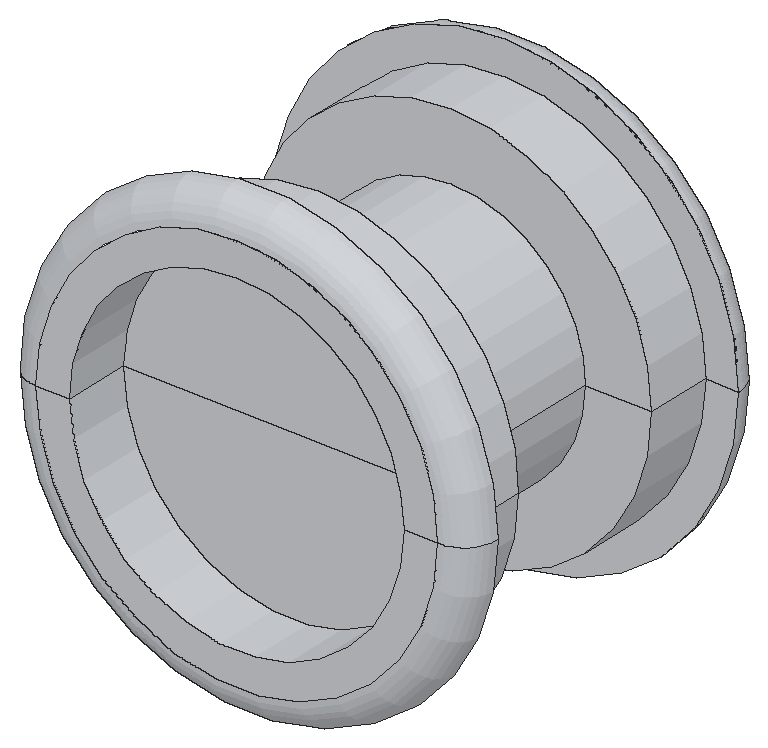
Revit family "Maçaneta da porta 5", category Portas, Revit 2019
Family settings
  Com base no plano de trabalho = Não
  Sempre na vertical = Sim
  Corte com vazios quando carregada = Sim
  Compartilhado = Não
  Ponto de cálculo do ambiente = Não
Parameters
  Espessura do painel = 45 mm
  Material do puxador = none
Reference planes
  plane 1 "Centro (Frente/Trás)": y = 0
  plane 2: z = 0
  plane 3 "Centro (Esquerda/Direita)": x = 0
  plane 4: y = 22.5
  plane 5: y = -22.5
  plane 6: y = 12.5
  plane 7: y = -12.5
  plane 8: y = 32.5
  plane 9: y = -32.5
Forms (mm)
  Revolve 1, solid, material <- "Material do puxador", detail levels fine
    sketch origin (0, 0, 0) x (1, 0, 0) y (0, 1, 0)
      loop
        arc (-30, 27.5) -> (-33.536, 26.036) -> (-35, 22.5) r 5
        line (-35, 22.5) -> (-30, 22.5) -> (-30, 12.5) -> (0, 12.5) -> (0, 17.5) -> (-25, 17.5) -> (-25, 27.5) -> (-30, 27.5)
      loop
        line (-30, -27.5) -> (-25, -27.5) -> (-25, -17.5) -> (0, -17.5) -> (0, -12.5) -> (-30, -12.5) -> (-30, -22.5) -> (-35, -22.5)
        arc (-35, -22.5) -> (-33.536, -26.036) -> (-30, -27.5) r 5
      axis (0, 27.5) -> (0, -27.5)
    angle from 0 to 360
  Extrusion 2, solid, material <- "Material do puxador", detail levels fine
    sketch origin (0, 0, 0) x (1, 0, 0) y (0, 0, 1)
      loop
        circle (0, 0) r 20
    from -12.5 to 12.5
Cuts and joins
  joined: Revolve 1, Extrusion 2
Dimensions and locks
  equal spacing: plane 4, plane 1 "Centro (Frente/Trás)", plane 5
  "Espessura do painel": plane 4 to plane 5
  locked: plane 6 to Revolve 1 sketch curve at 5
  locked: Revolve 1 sketch curve to plane 4 at 5
  locked: plane 7 to Revolve 1 sketch curve at 5
  locked: plane 5 to Revolve 1 sketch curve at 5
  locked: plane 8 to plane 4 at 10
  locked: plane 5 to plane 9 at 10
  aligned and locked: level to plane 2
  aligned and locked: Revolve 1 sketch curve to plane 6
  aligned and locked: plane 4 to Revolve 1 sketch curve
  aligned and locked: Revolve 1 sketch curve to plane 7
  aligned and locked: plane 5 to Revolve 1 sketch curve
  aligned and locked: Revolve 1 sketch curve to plane 3 "Centro (Esquerda/Direita)"  (x3)
  aligned and locked: plane 6 to Extrusion 2
  aligned and locked: Extrusion 2 to plane 7
  aligned and locked: plane 2 to Extrusion 2 sketch curve
  aligned and locked: plane 3 "Centro (Esquerda/Direita)" to Extrusion 2 sketch curve
Automatic sketch dimensions
  Revolve 1 sketch curve to plane 5 = 45 mm
  plane 4 to Revolve 1 sketch curve = 50 mm
  Revolve 1 sketch curve to plane 3 "Centro (Esquerda/Direita)" = 25 mm  (x2)
  Revolve 1 sketch curve to Revolve 1 sketch curve = 5 mm  (x3)
  Revolve 1 sketch curve to Revolve 1 sketch curve = 0 mm
  radius of Extrusion 2 sketch curve = 20 mm
